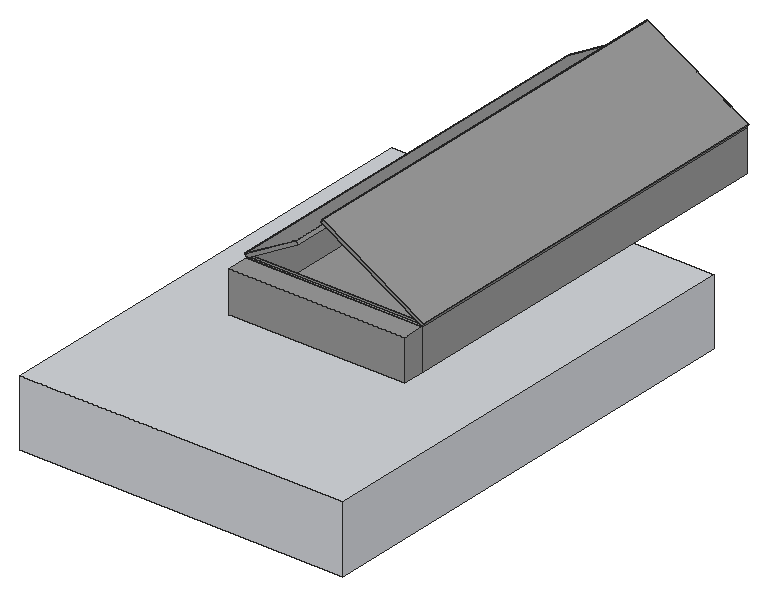
Revit family "Hager-Univers-IP54-D205-H1950-Cl.I-encl-PL-en", category Equipement électrique, Revit 2020
Family settings
  Hôte = Face
  Configuration du panneau = Deux colonnes, circuits au sein
  Cote de connecteur circulaire = Utiliser le diamètre
  Type d'élément = Tableau de raccordement
  Couper avec des vides une fois chargée = Non
  Partagée = Non
  Point de calcul de pièce = Non
Parameters (values of type "Floor installation IP54 W800 H1950 D205  - FP23TW2")
  Width Control [instance] = if([EF000008 - Width] > Min Width, [EF000008 - Width], Min Width)  # 800 mm
  Commentaires du type = [HG000003 - Range]  # "Univers"
  Thickness Door [instance] = if([EF009171 - Material plate thickness door/cover] > 3 mm, 3 mm, [EF009171 - Material plate thickness door/cover])  # 1 mm
  Seal Frame Offset [instance] = 17 mm  # constant formula
  Plinth Visibility [instance] = [HG000027 - Plinth height] > 0 mm  # yes
  Model = ""
  Min Width [instance] = 100 mm  # constant formula
  Min Height [instance] = 100 mm  # constant formula
  Min Depth [instance] = (2 * [EF009170 - Material plate thickness cabinet]) + 1 mm  # 3 mm
  Internal Frame Depth [instance] = (Door System Depth * 0.5)  # 9 mm
  Height Control [instance] = if([EF000040 - Height] > Min Height, [EF000040 - Height], Min Height)  # 1950 mm
  HG000027 - Plinth height = 100 mm
  HG000026 - Floor standing = yes
  HG000024 - Bottom section height = 800 mm
  HG000023 - Double section enclosure = no
  HG000016 - Door 3d visibility [instance] = yes
  HG000015 - Clearance visibility [instance] = no
  HG000014 - Door on the right [instance] = yes
  HG000013 - Door on the left [instance] = not([HG000014 - Door on the right])  # no
  HG000012 - Door swing angle [instance] = 30.00°
  HG000010 - Asymmetric doors = yes
  HG000009 - Double swing door = yes
  HG000006 - Flush mounted = no
  HG000004 - Manufacturer reference = "FP23TW2"
  HG000003 - Range = "Univers"
  HG000002 - With door or cover = yes
  Frame Offset Bottom [instance] = 10 mm  # constant formula
  Frame Offset [instance] = 15 mm  # constant formula
  EF015940 - Cover with overpressure release = no
  EF011959 - Degree of protection (NEMA) = ""
  EF009554 - Number of openings for flange plates = 6
  EF009212 - Cover model = "EV000116 - Closed"
  EF009171 - Material plate thickness door/cover = 1 mm
  EF009170 - Material plate thickness cabinet = 1 mm
  Fabricant = "Hager"  # constant formula
  EF008873 - Nominal current (In) = 400 A
  EF007800 - Suitable for lightning protection = no
  EF006306 - With lock = no
  EF006244 - Transparent cover/door = no
  EF005474 - Degree of protection (IP) = "EV006419 - IP54"
  EF004464 - Type of door = "EV002646 - Single"
  EF004427 - Number of modules = 432
  EF004293 - Impact strength = "EV006815 - IK09"
  EF003532 - Suitable for outdoor use = no
  EF002950 - Width in number of modular spacings = 36
  EF001613 - Circuit integrity = "EV000494 - None"
  EF001596 - Material housing = "EV000179 - Steel"
  EF001131 - Internal depth = 205 mm
  EF001088 - Extension possible = yes
  EF000437 - Number of conduit inlets = 6
  EF000339 - Type of cover = "EV001012 - Cover"
  EF000266 - Number of rows = 12
  EF000218 - Built-in depth = 0 mm
  EF000118 - With mounting plate = no
  EF000116 - RAL-number = "9010"
  EF000049 - Depth = 205 mm
  EF000040 - Height = 1950 mm
  EF000008 - Width = 800 mm
  EF000007 - Colour = "EV000202 - White"
  EF000003 - Mounting method = "EV012274 - Floor installation"
  Door System Leaf Tolerance [instance] = 1.5 mm  # constant formula
  Door System Depth [instance] = 18 mm  # constant formula
  Door Height [instance] = Height Control - [HG000027 - Plinth height]  # 1850 mm
  Depth Control [instance] = if([EF000049 - Depth] > Min Depth, [EF000049 - Depth], Min Depth)  # 205 mm
  Default Elevation = 0 mm
  Connector Offset [instance] = Height Control / 2  # 975 mm
  Bottom Top Plate Trim [instance] = 1.5 mm  # constant formula
  Plinth height Ctrl [instance] = if([HG000027 - Plinth height] > 0 mm, [HG000027 - Plinth height], 12 mm)  # 100 mm
Types (4, lengths in mm): name | Width Control | HG000010 - Asymmetric doors | HG000009 - Double swing door | HG000004 - Manufacturer reference | EF009554 - Number of openings for flange plates | EF008873 - Nominal current (In) | EF004464 - Type of door | EF004427 - Number of modules | EF002950 - Width in number of modular spacings | EF000437 - Number of conduit inlets | EF000008 - Width
  Floor installation IP54 W1300 H1950 D205  - FP25TW2 | 1300 | yes | yes | "FP25TW2" | 10 | 400 A | "EV003602 - Double" | 720 | 60 | 10 | 1300
  Floor installation IP54 W300 H1950 D205  - FP21TW2 | 300 | no | no | "FP21TW2" | 2 | 250 A | "EV002646 - Single" | 144 | 12 | 2 | 300
  Floor installation IP54 W550 H1950 D205  - FP22TW2 | 550 | no | no | "FP22TW2" | 4 | 400 A | "EV002646 - Single" | 288 | 24 | 4 | 550
  Floor installation IP54 W800 H1950 D205  - FP23TW2 | 800 | yes | yes | "FP23TW2" | 6 | 400 A | "EV002646 - Single" | 432 | 36 | 6 | 800
Reference planes
  plane 1 "Center (Front/Back)": y = 0
  plane 2: z = 0
  plane 3 "Center (Left/Right)": x = 0
  plane 4: z = 205
  plane 5: y = 101
  plane 6: y = 1025
  plane 7: y = 100
  plane 8: y = 1950
  plane 9: z = 0
  plane 10: x = -385
  plane 11: x = 385
  plane 12: x = 384
  plane 13: x = -384
  plane 14: y = 1949
  plane 15: x = -383
  plane 16: x = -400
  plane 17: x = 383
  plane 18: x = 400
  plane 19: x = 399
  plane 20: x = -399
  plane 21: y = 111
  plane 22: y = 1950
  plane 23: y = 1934
  plane 24: z = 187
  plane 25: z = 1
  plane 26: z = 186
  plane 27: z = 204
Forms (mm)
  Extrusion 1, solid
    sketch origin (0, 0, 0) x (1, 0, 0) y (0, 1, 0)
      loop
        line (-702.964, 1305) -> (-702.964, -811.445) -> (766.763, -811.445) -> (766.763, 1305) -> (-702.964, 1305)
    from 0 to -304.8
  Extrusion 2, solid, material "Hager_Steel_RAL7035_Light_Grey", visible <- "Plinth Visibility", detail levels medium+fine
    sketch origin (0, 0, 0) x (1, 0, 0) y (0, 1, 0)
      loop
        line (-400, 0) -> (400, 0) -> (400, 100) -> (-400, 100) -> (-400, 0)
    from 0 to 187
  Extrusion 3, solid, material "Hager_Steel_RAL7035_Light_Grey", detail levels medium+fine
    sketch origin (0, 0, 0) x (1, 0, 0) y (0, 1, 0)
      loop
        line (-400, 100) -> (400, 100) -> (400, 1950) -> (-400, 1950) -> (-400, 100)
    from 0 to 187
  Extrusion 4, void
    sketch origin (0, 0, 0) x (1, 0, 0) y (0, 1, 0)
      loop
        line (-399, 101) -> (399, 101) -> (399, 1949) -> (-399, 1949) -> (-399, 101)
    from 1 to 186
  Extrusion 5, void
    sketch origin (-381.607, -4572, 187) x (0, -1, 0) y (-1, 0, 0)
      loop
        line (-4683, 2.393) -> (-6506, 2.393) -> (-6506, -765.607) -> (-4683, -765.607) -> (-4683, 2.393)
    from 0 to 1 <- "EF009170 - Material plate thickness cabinet"
  Extrusion 6, solid, material "Hager_Steel_RAL7035_Light_Grey", detail levels fine
    sketch origin (0, 0, 187) x (1, 0, 0) y (0, 1, 0)
      loop
        line (-384, 1934) -> (-384, 111) -> (384, 111) -> (384, 1934) -> (-384, 1934)
      loop
        line (-385, 110) -> (385, 110) -> (385, 1935) -> (-385, 1935) -> (-385, 110)
    from 0 to 9 <- "Internal Frame Depth"
  Extrusion 7, solid, material "Hager_Steel_RAL7035_Light_Grey", detail levels coarse
    sketch origin (0, 0, 0) x (1, 0, 0) y (0, 1, 0)
      loop
        line (-400, 0) -> (400, 0) -> (400, 1950) -> (-400, 1950) -> (-400, 0)
    from 0 to 205
  Sweep 8, void
    path in 3D
      loop
        line (-400, 100, 0) -> (400, 100, 0) -> (400, 100, 187) -> (-400, 100, 187) -> (-400, 100, 0)
    profile origin (-400, 100, 93.5) x (-1, 0, 0) y (0, -1, 0)
      loop
        line (0, 0) -> (0, 1.5) -> (-1.5, 1.5)
        arc (-1.5, 1.5) -> (-1.061, 0.439) -> (0, 0) r 1.5
Cuts and joins
  Extrusion 4, Extrusion 5 cuts Extrusion 3
  Sweep 8 cuts Extrusion 2
Lines and regions (mm)
  Masking region 1
    outline origin (0, 0, 0) x (1, 0, 0) y (0, 0, 1)
      loop
        line (-400, 205) -> (-400, 0) -> (400, 0) -> (400, 205) -> (-400, 205)
  Masking region 2, detail levels medium+fine
    outline origin (0, 140, 0) x (0, 1, 0) y (0, 0, 1)
      loop
        line (-40, 0) -> (1810, 0) -> (1810, 187) -> (-40, 187) -> (-40, 0)
  Masking region 3, not visible, detail levels medium+fine
    outline origin (0, 297.922, 0) x (0, 1, 0) y (0, 0, 1)
      loop
        line (738.578, 0) -> (778.578, 0) -> (778.578, 194)
        arc (778.578, 194) -> (775.649, 201.071) -> (768.578, 204) r 10
        line (768.578, 204) -> (738.578, 204) -> (738.578, 0)
  Masking region 4, detail levels coarse
    outline origin (0, 0, 180) x (0, 1, 0) y (0, 0, 1)
      loop
        line (0, -180) -> (1950, -180) -> (1950, 25) -> (0, 25) -> (0, -180)
  Masking region 5, visible <- "Plinth Visibility", detail levels medium+fine
    outline origin (0, 52.24, 12.345) x (0, 0, -1) y (0, 1, 0)
      loop
        line (10.845, 47.76) -> (-173.155, 47.76)
        arc (-173.155, 47.76) -> (-173.594, 46.699) -> (-174.655, 46.26) r 1.5
        line (-174.655, 46.26) -> (-174.655, -52.24) -> (12.345, -52.24) -> (12.345, 46.26)
        arc (12.345, 46.26) -> (11.285, 46.699) -> (10.845, 47.76) r 1.5
  Masking region 6, detail levels medium+fine
    outline origin (-381.607, -4572, 187) x (-1, 0, 0) y (0, -1, 0)
      loop
        line (18.393, -6522) -> (18.393, -4672) -> (-781.607, -4672) -> (-781.607, -6522) -> (18.393, -6522)
  Masking region 7, visible <- "Plinth Visibility", detail levels medium+fine
    outline origin (-381.607, -4727, 187) x (-1, 0, 0) y (0, -1, 0)
      loop
        arc (16.893, -4827) -> (17.332, -4825.939) -> (18.393, -4825.5) r 1.5
        line (18.393, -4825.5) -> (18.393, -4727) -> (-781.607, -4727) -> (-781.607, -4825.5)
        arc (-781.607, -4825.5) -> (-780.546, -4825.939) -> (-780.107, -4827) r 1.5
        line (-780.107, -4827) -> (16.893, -4827)
  Masking region 8, detail levels coarse
    outline origin (-442.548, -4669.526, 187) x (-1, 0, 0) y (0, -1, 0)
      loop
        line (-42.548, -6619.526) -> (-42.548, -4669.526) -> (-842.548, -4669.526) -> (-842.548, -6619.526) -> (-42.548, -6619.526)
  sketch lines
    curve 1: line (-400, 100, 187) -> (-400, 100, 0)
    curve 2: line (400, 100, 187) -> (-400, 100, 187)
    curve 3: line (400, 100, 187) -> (400, 100, 0)
    curve 4: line (-400, 100, 0) -> (400, 100, 0)
Dimensions and locks
  "Depth Control": plane 4 to Extrusion 1
  "HG000027 - Plinth height": plane 1 "Center (Front/Back)" to plane 7
  "EF009170 - Material plate thickness cabinet": plane 5 to plane 7
  locked: connector elem to plane 3 "Center (Left/Right)"
  equal spacing: plane 8, plane 6, plane 7
  locked: connector elem to plane 6
  "EF009170 - Material plate thickness cabinet": plane 8 to plane 14
  "EF009170 - Material plate thickness cabinet": plane 10 to plane 13
  "EF009170 - Material plate thickness cabinet": plane 12 to plane 11
  "Frame Offset": plane 20 to plane 13
  "Frame Offset": plane 12 to plane 19
  "EF009170 - Material plate thickness cabinet": plane 16 to plane 20
  "EF009170 - Material plate thickness cabinet": plane 19 to plane 18
  "Seal Frame Offset": plane 16 to plane 15
  "Seal Frame Offset": plane 17 to plane 18
  "Frame Offset Bottom": plane 21 to plane 5
  "Frame Offset": plane 14 to plane 23
  equal spacing: plane 16, plane 3 "Center (Left/Right)", plane 18
  "Width Control": plane 16 to plane 18
  "EF009170 - Material plate thickness cabinet": plane 4 to plane 27
  "EF009170 - Material plate thickness cabinet": plane 24 to plane 26
  "EF009170 - Material plate thickness cabinet": plane 25 to level
  "Door System Depth": plane 4 to plane 24
  "Height Control": plane 1 "Center (Front/Back)" to Extrusion 7 sketch curve
  "Height Control": Masking region 4 sketch curve to plane 1 "Center (Front/Back)"
  "Height Control": plane 1 "Center (Front/Back)" to plane 22
  "Bottom Top Plate Trim": profile plane to Sweep 8 sketch curve
  "Bottom Top Plate Trim": Sweep 8 sketch curve to profile plane
  "Plinth height Ctrl": plane 1 "Center (Front/Back)" to Extrusion 2 sketch curve
  "Plinth height Ctrl": Masking region 5 sketch curve to plane 1 "Center (Front/Back)"
  "Plinth height Ctrl": plane 1 "Center (Front/Back)" to Masking region 7 sketch curve
  "Thickness Door": Extrusion 6 sketch curve to Extrusion 6 sketch curve  (x3)
  "Thickness Door": cut or joined group of Extrusion 3, Extrusion 4, Extrusion 5 to Extrusion 6 sketch curve
  radius of Masking region 3 sketch curve = 10 mm
  "Bottom Top Plate Trim": radius of Masking region 5 sketch curve  (x2)
  "Bottom Top Plate Trim": radius of Sweep 8 sketch curve
  "Bottom Top Plate Trim": radius of Masking region 7 sketch curve  (x2)
  aligned and locked: plane 2 to Extrusion 1
  aligned and locked: level to Extrusion 1
  aligned and locked: level to Masking region 1 sketch curve
  aligned and locked: Masking region 1 sketch curve to plane 18
  aligned and locked: Masking region 1 sketch curve to plane 16
  aligned and locked: plane 7 to Masking region 2 sketch curve
  aligned and locked: level to Masking region 3 sketch curve
  aligned and locked: Masking region 3 sketch curve to plane 27
  aligned and locked: level to Masking region 2 sketch curve
  aligned and locked: plane 1 "Center (Front/Back)" to Extrusion 2 sketch curve
  aligned and locked: Extrusion 3 sketch curve to plane 7
  aligned and locked: plane 16 to Extrusion 3 sketch curve
  aligned and locked: plane 18 to Extrusion 3 sketch curve
  aligned and locked: plane 20 to Extrusion 4 sketch curve
  aligned and locked: plane 19 to Extrusion 4 sketch curve
  aligned and locked: Extrusion 4 sketch curve to plane 5
  aligned and locked: Extrusion 4 to plane 25
  aligned and locked: plane 26 to Extrusion 4
  aligned and locked: plane 24 to Extrusion 3
  aligned and locked: Extrusion 5 sketch curve to plane 21
  aligned and locked: Extrusion 5 sketch curve to plane 13
  aligned and locked: Extrusion 5 sketch curve to plane 12
  aligned and locked: plane 18 to Extrusion 7 sketch curve
  aligned and locked: plane 1 "Center (Front/Back)" to Extrusion 7 sketch curve
  aligned and locked: plane 16 to Extrusion 7 sketch curve
  aligned and locked: plane 4 to Extrusion 7
  aligned and locked: Extrusion 7 to level
  aligned and locked: level to Masking region 4 sketch curve
  aligned and locked: Masking region 4 sketch curve to plane 1 "Center (Front/Back)"
  aligned and locked: Masking region 4 sketch curve to plane 4
  aligned and locked: nested 1 to level
  aligned and locked: nested 1 to plane 16
  aligned and locked: plane 8 to Extrusion 3 sketch curve
  aligned and locked: plane 23 to Extrusion 5 sketch curve
  aligned and locked: plane 14 to Extrusion 4 sketch curve
  aligned and locked: Masking region 2 sketch curve to plane 8
  aligned and locked: level to Masking region 5 sketch curve
  aligned and locked: plane 16 to Extrusion 2 sketch curve
  aligned and locked: plane 18 to Extrusion 2 sketch curve
  aligned and locked: Masking region 5 sketch curve to plane 24
  aligned and locked: Masking region 2 sketch curve to plane 24
  aligned and locked: plane 24 to Extrusion 2
  aligned and locked: profile plane to Sweep 8 sketch curve  (x2)
  aligned and locked: Masking region 6 sketch curve to plane 18
  aligned and locked: Masking region 6 sketch curve to plane 22
  aligned and locked: Masking region 6 sketch curve to plane 16
  aligned and locked: plane 8 to plane 22
  aligned and locked: Masking region 6 sketch curve to plane 7
  aligned and locked: Masking region 7 sketch curve to plane 16
  aligned and locked: Masking region 7 sketch curve to plane 1 "Center (Front/Back)"
  aligned and locked: Masking region 7 sketch curve to plane 18
  aligned and locked: Masking region 8 sketch curve to plane 1 "Center (Front/Back)"
  aligned and locked: Masking region 8 sketch curve to plane 18
  aligned and locked: Masking region 8 sketch curve to plane 22
  aligned and locked: Masking region 8 sketch curve to plane 16
  aligned and locked: nested 2 to plane 7
  aligned and locked: plane 3 "Center (Left/Right)" to nested 2
  aligned and locked: nested 2 to plane 24
  aligned and locked: Extrusion 6 sketch curve to cut or joined group of Extrusion 3, Extrusion 4, Extrusion 5  (x4)
Automatic sketch dimensions
  Extrusion 1 sketch curve to Extrusion 1 sketch curve = 1469.727 mm
  Extrusion 1 sketch curve to Extrusion 1 sketch curve = 2116.445 mm
  Masking region 1 sketch curve to plane 4 = 0 mm
  plane 6 to Masking region 3 sketch curve = 11.5 mm
  Masking region 3 sketch curve to Masking region 3 sketch curve = 30 mm
  Masking region 5 sketch curve to plane 1 "Center (Front/Back)" = 0 mm
Nested families
  nested 1: "Hager_Enclosure_Symbol" at (-400, 0, 0) x (1, 0, 0) z (0, -1, 0), Height <- "Depth Control", Width <- "Width Control", type "Hager_Enclosure_Symbol"
    with Width_Ctrl 800 mm, Width 800 mm, Height_Ctrl 205 mm, Height 205 mm, A_Width_Int 13.453 mm, A_Width 161.438 mm, A_Height_Ctrl 179.375 mm, A_Height 179.375 mm
  nested 2: "EC000058_Univers_Door" at (0, 100, 187) x (1, 0, 0) z (0, 1, 0), Leaf_Tolerance <- "Door System Leaf Tolerance", Angle <- "HG000012 - Door swing angle", Door_Depth <- "Door System Depth", Door_Left <- "HG000013 - Door on the left", Transparent <- "EF006244 - Transparent cover/door", Assymetrical <- "HG000010 - Asymmetric doors", Width <- "Width Control", Clearance <- "HG000015 - Clearance visibility", Double <- "HG000009 - Double swing door", 3d_Door <- "HG000016 - Door 3d visibility", Lock_Visibility <- "EF006306 - With lock", Width_Ctrl <- "Width Control", Door_Right <- "HG000014 - Door on the right", Door <- "HG000002 - With door or cover", Height <- "Door Height", Thickness <- "Thickness Door", type "EC000058_Univers_Door", detail levels medium+fine
    with min_wh 3 mm, Width_Ctrl 800 mm, Width 800 mm, Transparent no, Thickness 1 mm, Seal_Material Hager_Rubber, Lock_Visibility no, Lock_Material Hager_Plastic_RAL9005_Jet_Black, Leaf_Width 800 mm, Leaf_Tolerance_External_Sides 0 mm, Leaf_Tolerance 1.5 mm, Leaf_Offset 0 mm, Leaf_Height 1847 mm, Leaf_2_Width 532.583 mm, Leaf_2_Offset 266.292 mm, Leaf_1_Width 265.917 mm, Leaf_1_Offset 132.958 mm, Height_Ctrl 1850 mm, Height 1850 mm, Glass_Material Hager_Glass, Double_Clearance_Ctrl no, Double yes, Door_Right_Ctrl yes, Door_Right yes, Door_Material Hager_Steel_RAL7035_Light_Grey, Door_Left_Ctrl yes, Door_Left no, Door_Depth 18 mm, Door yes, Clearance_Material Hager_Clearance, Clearance_Depth 532.583 mm, Clearance_Ctrl no, Clearance no, Assymetrical yes, Angle 30.00°, 3d_Door yes
Connectors
  electrical at (0, 1025, 0)
    settings: on plane 9, index 1, voltage 0 V, apparent load 0 VA, apparent load phase1 0 VA, apparent load phase2 0 VA, apparent load phase3 0 VA, power factor 1, load classification "Other", number of poles 1, system type 30, power factor state 1, is connector primary yes, connector utility no, sub classification motor no, connector description ""
Definition of nested family "EC000058_Univers_Door"
  Parameters (values of type "EC000058_Univers_Door")
    min_wh [instance] = (2 * Thickness) + 1 mm  # 11 mm
    Width_Ctrl [instance] = 400 mm
    Width [instance] = 500 mm
    Transparent [instance] = yes
    Thickness [instance] = 5 mm
    Seal_Material [instance] = none
    Lock_Visibility [instance] = yes
    Lock_Material [instance] = none
    Leaf_Width [instance] = if((Width_Ctrl - 2 * Leaf_Tolerance_External_Sides) > 0 mm, (Width_Ctrl - 2 * Leaf_Tolerance_External_Sides), min_wh)  # 400 mm
    Leaf_Tolerance_External_Sides [instance] = 0 mm  # constant formula
    Leaf_Tolerance [instance] = 1.5 mm
    Leaf_Offset [instance] = 0 mm  # constant formula
    Leaf_Height [instance] = if((Height_Ctrl - 2 * Leaf_Tolerance) > 0 mm, (Height_Ctrl - 2 * Leaf_Tolerance), min_wh)  # 497 mm
    Leaf_2_Width [instance] = if(and(and(Double, Assymetrical), Door_Left), (Leaf_Width / 3) - (Leaf_Tolerance / 2), if(and(and(Double, Assymetrical), Door_Right), (Leaf_Width / 3) * 2 - (Leaf_Tolerance / 2), if(and(Double, not(Assymetrical)), (Leaf_Width / 2) - Leaf_Tolerance, Leaf_Width)))  # 400 mm
    Leaf_2_Offset [instance] = if(and(Double, Assymetrical), Leaf_2_Width / 2, if(and(Double, not(Assymetrical)), Leaf_Width / 4, Leaf_Width / 2))  # 200 mm
    Leaf_1_Width [instance] = if(and(and(Double, Assymetrical), Door_Right), (Leaf_Width / 3) - (Leaf_Tolerance / 2), if(and(and(Double, Assymetrical), Door_Left), (Width / 3) * 2 - (Leaf_Tolerance / 2), if(and(Double, not(Assymetrical)), (Leaf_Width / 2) - Leaf_Tolerance, Leaf_Width)))  # 400 mm
    Leaf_1_Offset [instance] = if(and(Double, Assymetrical), Leaf_1_Width / 2, if(and(Double, not(Assymetrical)), Leaf_Width / 4, Leaf_Width / 2))  # 200 mm
    Height_Ctrl [instance] = if(Height > min_wh, Height, min_wh)  # 500 mm
    Height [instance] = 500 mm
    Glass_Material [instance] = none
    Double_Clearance_Ctrl [instance] = and(Double, Clearance)  # no
    Double [instance] = no
    Door_Right_Ctrl [instance] = and(or(Door_Right, Double), Door)  # yes
    Door_Right [instance] = yes
    Door_Material [instance] = none
    Door_Left_Ctrl [instance] = and(or(Door_Left, Double), Door)  # no
    Door_Left [instance] = no
    Door_Depth [instance] = 30 mm
    Door [instance] = yes
    Default Elevation = 1219.2 mm
    Clearance_Material [instance] = none
    Clearance_Depth [instance] = if(Leaf_1_Width > Leaf_2_Width, Leaf_1_Width, Leaf_2_Width)  # 400 mm
    Clearance_Ctrl [instance] = and(not(Double), Clearance)  # yes
    Clearance [instance] = yes
    Assymetrical [instance] = yes
    Angle [instance] = 30.00°
    3d_Door [instance] = yes
  Reference planes
    plane 1 "Center (Front/Back)": y = 0
    plane 2 "Bottom": z = 0
    plane 3 "Center (Left/Right)": x = 0
    plane 4: z = 500
    plane 5: x = -200
    plane 6: x = 200
    plane 7: z = 500
    plane 8: x = -200
    plane 9: z = 0
    plane 10: x = 200
    plane 11: y = 0
    plane 12: z = 1.5
    plane 13: x = -600
    plane 14: y = -400
    plane 15: x = 600
    plane 16: x = 0
    plane 17: x = 0
    plane 18: x = -200
    plane 19: x = 200
    plane 20: z = 498.5
  Forms (mm)
    Extrusion 1, solid, material <- "Clearance_Material", visible <- "Double_Clearance_Ctrl"
      sketch origin (1200, 0, 0) x (1, 0, 0) y (0, 0, -1)
        loop
          line (-1800, -498.5) -> (-600, -498.5) -> (-600, 0) -> (-1800, 0) -> (-1800, -498.5)
      from 0 to -400
  Dimensions and locks
    equal spacing: plane 5, plane 3 "Center (Left/Right)", plane 6
    "Width_Ctrl": plane 5 to plane 6
    "Leaf_Offset": plane 5 to plane 8
    "Leaf_Offset": plane 6 to plane 10
    "Leaf_Offset": plane 9 to level
    "Leaf_Offset": plane 4 to plane 7
    "Height_Ctrl": plane 4 to level
    "Leaf_Tolerance": plane 12 to plane 9
    locked: plane 11 to plane 1 "Center (Front/Back)"
    "Leaf_1_Offset": plane 18 to plane 16
    "Leaf_2_Offset": plane 17 to plane 19
    "Leaf_1_Width": plane 13 to plane 8
    "Leaf_2_Width": plane 10 to plane 15
    "Clearance_Depth": plane 14 to plane 1 "Center (Front/Back)"
    "Leaf_Tolerance_External_Sides": plane 8 to plane 18
    "Leaf_Tolerance_External_Sides": plane 19 to plane 10
    "Leaf_Tolerance": plane 7 to plane 20
    aligned and locked: level to plane 2 "Bottom"
    aligned and locked: nested 1 to plane 16
    aligned and locked: nested 2 to plane 17
    aligned and locked: Extrusion 1 to plane 13
    aligned and locked: plane 15 to Extrusion 1
    aligned and locked: Extrusion 1 to plane 14
    aligned and locked: plane 12 to nested 1
    aligned and locked: nested 2 to plane 12
    aligned and locked: Extrusion 1 to plane 11
    aligned and locked: plane 20 to Extrusion 1
    aligned and locked: nested 2 to plane 11
    aligned and locked: nested 1 to plane 11
  Automatic sketch dimensions
    Extrusion 1 sketch curve to level = 0 mm
    plane 5 to Extrusion 1 sketch curve = 400 mm
    plane 6 to Extrusion 1 sketch curve = 400 mm
    Extrusion 1 sketch curve to plane 4 = 1.5 mm
  Nested families
    nested 1: "EC000058_Univers_Door_Leaf" at (0, 0, 1.5), Width <- "Leaf_1_Width", visible <- "Door_Left_Ctrl", Leaf_Height <- "Leaf_Height", Angle <- "Angle", 3d_Door <- "3d_Door", Transparent <- "Transparent", Clearance Material <- "Clearance_Material", Clearance <- "Clearance_Ctrl", Door_Material <- "Door_Material", Glass_Material <- "Glass_Material", Door_Depth <- "Door_Depth", Lock_Material <- "Lock_Material", Seal_Material <- "Seal_Material", Lock_Visibility <- "Lock_Visibility", Thickness <- "Thickness", type "EC000058_Univers_Door_Leaf"
      with Width 400 mm, Transparent_Glass_Offset 30 mm, Transparent_Ctrl yes, Transparent yes, Thickness 5 mm, Standard no, Seal_Material none, Seal_D2 8 mm, Seal_D1 1 mm, Offset_Internal_Frame 10 mm, Lock_Width 20 mm, Lock_Visibility_3d yes, Lock_Visibility yes, Lock_Thickness_3 3 mm, Lock_Thickness_2 1 mm, Lock_Thickness_1 3 mm, Lock_Radius_Offset_2 16 mm, Lock_Radius_Offset_1 15 mm, Lock_Radius_2 5 mm, Lock_Radius 6 mm, Lock_Offset 5 mm, Lock_Material none, Lock_Height 80 mm, Lock_Cover_Top_Offset_2d 17 mm, Lock_Cover_Height -65 mm, Leaf_Height 497 mm, Internal_Seal_Thickness 8 mm, Internal_Seal_Depth_2 4.5 mm, Internal_Frame_Depth 25 mm, Glass_Thickness -1 mm, Glass_Offset -2 mm, Glass_Material none, Door_Material none, Door_Depth 30 mm, Clearance Material none, Clearance yes, Angle_Ctrl 30.00°, Angle 30.00°, 3d_Door yes
    nested 2: "EC000058_Univers_Door_Leaf" at (0, 0, 1.5) x (-1, 0, 0) z (0, 0, 1), Width <- "Leaf_2_Width", visible <- "Door_Right_Ctrl", Leaf_Height <- "Leaf_Height", Angle <- "Angle", 3d_Door <- "3d_Door", Transparent <- "Transparent", Clearance Material <- "Clearance_Material", Clearance <- "Clearance_Ctrl", Door_Material <- "Door_Material", Glass_Material <- "Glass_Material", Door_Depth <- "Door_Depth", Lock_Material <- "Lock_Material", Seal_Material <- "Seal_Material", Lock_Visibility <- "Lock_Visibility", Thickness <- "Thickness", type "EC000058_Univers_Door_Leaf"
      with Width 400 mm, Transparent_Glass_Offset 30 mm, Transparent_Ctrl yes, Transparent yes, Thickness 5 mm, Standard no, Seal_Material none, Seal_D2 8 mm, Seal_D1 1 mm, Offset_Internal_Frame 10 mm, Lock_Width 20 mm, Lock_Visibility_3d yes, Lock_Visibility yes, Lock_Thickness_3 3 mm, Lock_Thickness_2 1 mm, Lock_Thickness_1 3 mm, Lock_Radius_Offset_2 16 mm, Lock_Radius_Offset_1 15 mm, Lock_Radius_2 5 mm, Lock_Radius 6 mm, Lock_Offset 5 mm, Lock_Material none, Lock_Height 80 mm, Lock_Cover_Top_Offset_2d 17 mm, Lock_Cover_Height -65 mm, Leaf_Height 497 mm, Internal_Seal_Thickness 8 mm, Internal_Seal_Depth_2 4.5 mm, Internal_Frame_Depth 25 mm, Glass_Thickness -1 mm, Glass_Offset -2 mm, Glass_Material none, Door_Material none, Door_Depth 30 mm, Clearance Material none, Clearance yes, Angle_Ctrl 30.00°, Angle 30.00°, 3d_Door yes
  Definition of nested family "EC000058_Univers_Door_Leaf"
    Parameters (values of type "EC000058_Univers_Door_Leaf")
      Width [instance] = 2000 mm
      Transparent_Glass_Offset [instance] = 30 mm
      Transparent_Ctrl [instance] = and(Transparent, [3d_Door])  # yes
      Transparent [instance] = yes
      Thickness [instance] = 5 mm
      Standard [instance] = and(not(Transparent), [3d_Door])  # no
      Seal_Material [instance] = none
      Seal_D2 [instance] = 8 mm  # constant formula
      Seal_D1 [instance] = 1 mm  # constant formula
      Offset_Internal_Frame [instance] = 10 mm  # constant formula
      Lock_Width [instance] = 20 mm  # constant formula
      Lock_Visibility_3d [instance] = and(Lock_Visibility, [3d_Door])  # yes
      Lock_Visibility [instance] = yes
      Lock_Thickness_3 [instance] = 3 mm  # constant formula
      Lock_Thickness_2 [instance] = 1 mm  # constant formula
      Lock_Thickness_1 [instance] = 3 mm  # constant formula
      Lock_Radius_Offset_2 [instance] = Lock_Radius_Offset_1 + 1 mm  # 16 mm
      Lock_Radius_Offset_1 [instance] = 15 mm  # constant formula
      Lock_Radius_2 [instance] = Lock_Radius - 1 mm  # 5 mm
      Lock_Radius [instance] = 6 mm  # constant formula
      Lock_Offset [instance] = 5 mm  # constant formula
      Lock_Material [instance] = none
      Lock_Height [instance] = 80 mm  # constant formula
      Lock_Cover_Top_Offset_2d [instance] = Lock_Radius_Offset_2 + 1 mm  # 17 mm
      Lock_Cover_Height [instance] = -(Lock_Height - Lock_Radius_Offset_1)  # -65 mm
      Leaf_Height [instance] = 2720.336 mm
      Internal_Seal_Thickness [instance] = 8 mm  # constant formula
      Internal_Seal_Depth_2 [instance] = 4.5 mm  # constant formula
      Internal_Frame_Depth [instance] = if(Door_Depth - Thickness > 5 mm, Door_Depth - Thickness, 5 mm)  # 25 mm
      Glass_Thickness [instance] = if(Thickness > 15 mm, Glass_Offset + 10 mm, -1 mm)  # -1 mm
      Glass_Offset [instance] = if(Thickness > 15 mm, -(Thickness + 10 mm) / 2, -2 mm)  # -2 mm
      Glass_Material [instance] = none
      Door_Material [instance] = none
      Door_Depth [instance] = 30 mm
      Default Elevation = 0 mm
      Clearance Material [instance] = none
      Clearance [instance] = yes
      Angle_Ctrl [instance] = if(Angle > 180.00°, 180.00°, Angle)  # 90.00°
      Angle [instance] = 90.00°
      3d_Door [instance] = yes
    Reference planes
      plane 1 "Center (Front/Back)": y = 0
      plane 2: z = 0
      plane 3 "Center (Left/Right)": x = 0
      plane 4: y = 2000
      plane 5: x = -1000
      plane 6: x = 1000
      plane 7: x = -3000
      plane 8: z = 2720.336
      plane 9: z = 30
      plane 10: z = 2690.336
      plane 11: x = 970
      plane 12: x = -970
      plane 13: y = -3
      plane 14: z = 107.833
      plane 15: y = -5
      plane 16: y = -223.314
      plane 17: x = -1000
      plane 18: z = 1360.168
      plane 19: y = 30
    Forms (mm)
      Extrusion 1, solid, material <- "Clearance Material", visible <- "Clearance"
        sketch origin (0, 0, 0) x (1, 0, 0) y (0, 0, 1)
          loop
            line (-3000, 2720.336) -> (-3000, 0) -> (1000, 0) -> (1000, 2720.336) -> (-3000, 2720.336)
        from 0 to -2000
      Extrusion 2, solid, material <- "Door_Material", visible <- "Standard", detail levels medium+fine
        sketch origin (-1000, 0, 0) x (0, 1, 0) y (-1, 0, 0)
          loop
            line (0, 30) -> (0, 25) -> (2000, 25) -> (2000, 30) -> (0, 30)
        from 0 to 2720.336 <- "Leaf_Height"
      Extrusion 3, solid, material <- "Door_Material", visible <- "Transparent_Ctrl", detail levels medium+fine
        sketch origin (-1000, 0, 0) x (0, 1, 0) y (-1, 0, 0)
          loop
            line (0, 25) -> (2000, 25) -> (2000, 30) -> (0, 30) -> (0, 25)
        from 0 to 2720.336 <- "Leaf_Height"
      Extrusion 4, void
        sketch origin (-1025, 2000, 0) x (0, 1, 0) y (0, 0, -1)
          loop
            line (-30, -2690.336) -> (-30, -30) -> (-1970, -30) -> (-1970, -2690.336) -> (-30, -2690.336)
        from 0 to 5 <- "Thickness"
      Sweep 5, solid, material <- "Seal_Material", visible <- "Transparent_Ctrl", detail levels fine
        path in 3D
          loop
            line (-1025, 30, 30) -> (-1025, 30, 2690.336) -> (-1025, 1970, 2690.336) -> (-1025, 1970, 30) -> (-1025, 30, 30)
        profile origin (-1025, 1000, 30) x (1, 0, 0) y (0, 0, 1)
          loop
            line (0, 0) -> (0, -8) -> (1, -8) -> (1, 0) -> (0, 0)
      Extrusion 6, solid, material <- "Glass_Material", visible <- "Transparent_Ctrl", detail levels medium+fine
        sketch origin (-1030, 0, 0) x (0, 1, 0) y (0, 0, -1)
          loop
            line (1970, -2690.336) -> (1970, -30) -> (30, -30) -> (30, -2690.336) -> (1970, -2690.336)
        from -2 <- "Glass_Offset" to -1 <- "Glass_Thickness"
      Extrusion 7, solid, material <- "Door_Material", visible <- "3d_Door", detail levels medium+fine
        sketch origin (-1025, 2000, 0) x (0, -1, 0) y (0, 0, -1)
          loop
            line (0, -2720.336) -> (2000, -2720.336) -> (2000, 0) -> (0, 0) -> (0, -2720.336)
          loop
            line (1995, -5) -> (5, -5) -> (5, -2715.336) -> (1995, -2715.336) -> (1995, -5)
        from 0 to 25 <- "Internal_Frame_Depth"
      Sweep 8, solid, material <- "Seal_Material", visible <- "Transparent_Ctrl", detail levels fine
        path in 3D
          loop
            line (-1025, 0, 0) -> (-1025, 2000, 0) -> (-1025, 2000, 2720.336) -> (-1025, 0, 2720.336) -> (-1025, 0, 0)
        profile origin (-1025, 0, 1360.168) x (1, 0, 0) y (0, 1, 0)
          loop
            line (0, 10) -> (2.975, 10)
            arc (2.975, 10) -> (4.053, 10.447) -> (4.5, 11.525) r 1.525
            line (4.5, 11.525) -> (4.5, 16.527)
            arc (4.5, 16.527) -> (4.069, 17.569) -> (3.027, 18) r 1.473
            line (3.027, 18) -> (0, 18) -> (0, 10)
      Extrusion 9, solid, material <- "Lock_Material", visible <- "Lock_Visibility_3d", detail levels fine
        sketch origin (-1030, 0, 0) x (0, 1, 0) y (0, 0, -1)
          loop
            arc (1993.5, -1400.168) -> (1994.561, -1399.729) -> (1995, -1398.668) r 1.5
            line (1995, -1398.668) -> (1995, -1320.168) -> (1975, -1320.168) -> (1975, -1398.668)
            arc (1975, -1398.668) -> (1975.439, -1399.729) -> (1976.5, -1400.168) r 1.5
            line (1976.5, -1400.168) -> (1993.5, -1400.168)
        from 3 <- "Lock_Thickness_1" to 0
      Blend 10, solid, material <- "Lock_Material", visible <- "Lock_Visibility_3d", detail levels fine
        base sketch origin (-1033, 0, 0) x (0, 1, 0) y (0, 0, -1)
          loop
            line (1975, -1320.168) -> (1975, -1398.668)
            arc (1975, -1398.668) -> (1975.439, -1399.729) -> (1976.5, -1400.168) r 1.5
            line (1976.5, -1400.168) -> (1993.5, -1400.168)
            arc (1993.5, -1400.168) -> (1994.561, -1399.729) -> (1995, -1398.668) r 1.5
            line (1995, -1398.668) -> (1995, -1320.168) -> (1975, -1320.168)
        top sketch origin (-1033, 0, 0) x (0, 1, 0) y (0, 0, -1)
          loop
            line (1976, -1320.168) -> (1976, -1398.668)
            arc (1976, -1398.668) -> (1976.146, -1399.022) -> (1976.5, -1399.168) r 0.5
            line (1976.5, -1399.168) -> (1993.5, -1399.168)
            arc (1993.5, -1399.168) -> (1993.854, -1399.022) -> (1994, -1398.668) r 0.5
            line (1994, -1398.668) -> (1994, -1320.168) -> (1976, -1320.168)
        from 0 to 1 <- "Lock_Thickness_2"
      Blend 11, solid, material <- "Lock_Material", visible <- "Lock_Visibility_3d", detail levels fine
        base sketch origin (-1034, 0, 0) x (0, 1, 0) y (0, 0, -1)
          loop
            line (1978, -1320.168) -> (1978, -1384.168)
            arc (1978, -1384.168) -> (1985, -1391.168) -> (1992, -1384.168) r 7
            line (1992, -1384.168) -> (1992, -1320.168) -> (1978, -1320.168)
        top sketch origin (-1034, 0, 0) x (0, 1, 0) y (0, 0, -1)
          loop
            line (1991, -1320.168) -> (1979, -1320.168) -> (1979, -1383.168)
            arc (1979, -1383.168) -> (1985, -1389.168) -> (1991, -1383.168) r 6
            line (1991, -1383.168) -> (1991, -1320.168)
        from 0 to 3 <- "Lock_Thickness_3"
      Extrusion 12, solid, material <- "Lock_Material", visible <- "Lock_Visibility_3d", detail levels fine
        sketch origin (-1030, 1975, 1320.168) x (1, 0, 0) y (0, -1, 0)
          loop
            line (-7, -19) -> (-7, -1) -> (0, -1) -> (0, 0) -> (-8, 0) -> (-8, -20) -> (0, -20) -> (0, -19) -> (-7, -19)
        from 0 to -65 <- "Lock_Cover_Height"
      Extrusion 13, void
        sketch origin (-1038, 1995, 1320.168) x (-1, 0, 0) y (0, 0, -1)
          loop
            line (-5, -65) -> (0, -65) -> (-5, -60) -> (-5, -65)
        from 0 to 20 <- "Lock_Width"
      Extrusion 14, void
        sketch origin (-1038, 1975, 1320.168) x (0, -1, 0) y (0, 0, -1)
          loop
            circle (-10, -15.995) r 6
          loop
            circle (-10, -15.995) r 5
        from 0 to 2
      Extrusion 15, solid, material <- "Lock_Material", visible <- "Lock_Visibility_3d", detail levels medium
        sketch origin (-1030, 0, 0) x (0, 1, 0) y (0, 0, -1)
          loop
            arc (1993.5, -1400.168) -> (1994.561, -1399.729) -> (1995, -1398.668) r 1.5
            line (1995, -1398.668) -> (1995, -1320.168) -> (1975, -1320.168) -> (1975, -1398.668)
            arc (1975, -1398.668) -> (1975.439, -1399.729) -> (1976.5, -1400.168) r 1.5
            line (1976.5, -1400.168) -> (1993.5, -1400.168)
        from 8 to 0
    Cuts and joins
      Extrusion 4 cuts Extrusion 3
      Extrusion 13, Extrusion 14 cuts Extrusion 9
      Extrusion 14 cuts Blend 11
      Extrusion 13, Extrusion 14 cuts Extrusion 12
      joined: Extrusion 9, Blend 10, Blend 11, Extrusion 12
      Extrusion 14 cuts Extrusion 15
    Lines and regions (mm)
      Masking region 1, visible <- "Lock_Visibility", detail levels fine
        outline origin (0, 0, 0) x (0, 1, 0) y (0, 0, 1)
          loop
            line (30, 1320.168) -> (33, 1320.168) -> (33, 1400.168) -> (30, 1400.168) -> (30, 1320.168)
      Masking region 2, visible <- "Lock_Visibility", detail levels fine
        outline origin (0, 3.143, 0) x (0, 1, 0) y (0, 0, 1)
          loop
            line (29.857, 1354.168) -> (30.857, 1354.168) -> (30.857, 1366.168) -> (29.857, 1366.168) -> (29.857, 1354.168)
      Masking region 3, detail levels medium+fine
        outline origin (0, 0, 0) x (0, 1, 0) y (0, 0, 1)
          loop
            line (0, 0) -> (30, 0) -> (30, 2720.336) -> (0, 2720.336) -> (0, 0)
      Masking region 4, detail levels medium+fine
        outline origin (0, 0, 0) x (1, 0, 0) y (0, 0, 1)
          loop
            line (-1000, 2720.336) -> (-1000, 0) -> (1000, 0) -> (1000, 2720.336) -> (-1000, 2720.336)
      Masking region 5, visible <- "Lock_Visibility", detail levels fine
        outline origin (-47.116, 0, 0) x (1, 0, 0) y (0, 0, 1)
          loop
            arc (1024.616, 1399.168) -> (1023.556, 1398.729) -> (1023.116, 1397.668) r 1.5
            line (1023.116, 1397.668) -> (1023.116, 1320.168) -> (1041.116, 1320.168) -> (1041.116, 1397.668)
            arc (1041.116, 1397.668) -> (1040.677, 1398.729) -> (1039.616, 1399.168) r 1.5
            line (1039.616, 1399.168) -> (1024.616, 1399.168)
      Masking region 6, visible <- "Lock_Visibility", detail levels medium+fine
        outline origin (-25, 0, 0) x (1, 0, 0) y (0, 0, 1)
          loop
            arc (1001.5, 1400.168) -> (1000.439, 1399.729) -> (1000, 1398.668) r 1.5
            line (1000, 1398.668) -> (1000, 1320.168) -> (1020, 1320.168) -> (1020, 1398.668)
            arc (1020, 1398.668) -> (1019.561, 1399.729) -> (1018.5, 1400.168) r 1.5
            line (1018.5, 1400.168) -> (1001.5, 1400.168)
      Masking region 7, visible <- "Lock_Visibility", detail levels fine
        outline origin (-73.735, 0, 0) x (1, 0, 0) y (0, 0, 1)
          loop
            line (1051.735, 1382.168) -> (1065.735, 1382.168) -> (1065.735, 1384.168)
            arc (1065.735, 1384.168) -> (1058.735, 1391.168) -> (1051.735, 1384.168) r 7
            line (1051.735, 1384.168) -> (1051.735, 1382.168)
      Masking region 8, visible <- "Lock_Visibility", detail levels fine
        outline origin (-73.735, 0, 0) x (1, 0, 0) y (0, 0, 1)
          loop
            line (1052.735, 1382.168) -> (1064.735, 1382.168) -> (1064.735, 1383.168)
            arc (1064.735, 1383.168) -> (1058.735, 1389.168) -> (1052.735, 1383.168) r 6
            line (1052.735, 1383.168) -> (1052.735, 1382.168)
      Masking region 9, visible <- "Lock_Visibility", detail levels fine
        outline origin (-25, 0, 0) x (1, 0, 0) y (0, 0, 1)
          loop
            line (1020, 1320.168) -> (1020, 1382.168) -> (1000, 1382.168) -> (1000, 1320.168) -> (1020, 1320.168)
      Masking region 10, detail levels medium+fine
        outline origin (0, 0, 0) x (1, 0, 0) y (0, 0, 1)
          loop
            circle (985, 1335.144) r 6
      Masking region 11, detail levels fine
        outline origin (0, 0, 0) x (1, 0, 0) y (0, 0, 1)
          loop
            circle (985, 1335.144) r 5
      Masking region 12, visible <- "Lock_Visibility", detail levels fine
        outline origin (0, 12.767, 0) x (0, 1, 0) y (0, 0, 1)
          loop
            line (20.233, 1320.168) -> (21.233, 1320.168) -> (21.233, 1399.168) -> (20.233, 1400.168) -> (20.233, 1320.168)
      Masking region 13, visible <- "Lock_Visibility", detail levels fine
        outline origin (0, 13.767, -10) x (0, 1, 0) y (0, 0, 1)
          loop
            line (20.233, 1330.168) -> (23.233, 1330.168) -> (23.233, 1399.168) -> (20.233, 1402.168) -> (20.233, 1330.168)
      Masking region 14, visible <- "Lock_Visibility", detail levels fine
        outline origin (0, 12.767, -10) x (0, 1, 0) y (0, 0, 1)
          loop
            line (20.233, 1330.168) -> (25.233, 1330.168) -> (25.233, 1399.305) -> (20.233, 1394.305) -> (20.233, 1330.168)
      Masking region 15, visible <- "Lock_Visibility", detail levels medium
        outline origin (0, 0, 0) x (0, 1, 0) y (0, 0, 1)
          loop
            line (30, 1320.168) -> (38, 1320.168) -> (38, 1400.168) -> (30, 1400.168) -> (30, 1320.168)
      Masking region 16, visible <- "Lock_Visibility", detail levels fine
        outline origin (-1000, 0, 0) x (0, 1, 0) y (-1, 0, 0)
          loop
            line (1975, 30) -> (1995, 30) -> (1995, 38) -> (1975, 38) -> (1975, 30)
          loop
            line (1979, 37) -> (1976, 37) -> (1976, 34) -> (1978, 34) -> (1979, 37)
          loop
            line (1994, 37) -> (1991, 37) -> (1992, 34) -> (1994, 34) -> (1994, 37)
      Masking region 17, visible <- "Lock_Visibility", detail levels medium
        outline origin (-1000, 0, 0) x (0, 1, 0) y (-1, 0, 0)
          loop
            line (1975, 30) -> (1995, 30) -> (1995, 38) -> (1975, 38) -> (1975, 30)
      symbolic lines
        curve 1: line (1000, 0, 0) -> (-3000, 0, 0)
        curve 2: arc (1000, 0, 0) -> (-1000, 2000, 0) -> (-3000, 0, 0) r 2000
        curve 4: line (-1030, 0, 0) -> (-1030, 2000, 0)
      reference lines
        curve 3: line (-1000, 0, 0) -> (-1000, 2000, 0)
      symbolic lines, detail levels medium+fine
        curve 5: line (-1030, 2000, 0) -> (-1025, 2000, 0)
        curve 7: line (-1025, 0, 0) -> (-1030, 0, 0)
        curve 8: line (-1025, 0, 0) -> (-1000, 0, 0)
        curve 9: line (-1000, 0, 0) -> (-1000, 2000, 0)
        curve 10: line (-1000, 2000, 0) -> (-1025, 2000, 0)
      symbolic lines, detail levels fine
        curve 6: line (-1025, 2000, 0) -> (-1025, 0, 0)
      sketch lines
        curve 11: line (-1025, 0, 2720.336) -> (-1025, 0, 0)
        curve 12: line (-1025, 2000, 0) -> (-1025, 0, 0)
        curve 13: line (-1025, 2000, 2720.336) -> (-1025, 2000, 0)
        curve 14: line (-1025, 0, 2720.336) -> (-1025, 2000, 2720.336)
        curve 15: line (-1025, 1970, 30) -> (-1025, 30, 30)
        curve 16: line (-1025, 30, 30) -> (-1025, 30, 2690.336)
        curve 17: line (-1025, 1970, 2690.336) -> (-1025, 1970, 30)
        curve 18: line (-1025, 30, 2690.336) -> (-1025, 1970, 2690.336)
      symbolic lines, visible <- "Transparent", detail levels medium+fine
        curve 19: line (-970, 0, 2690.336) -> (970, 0, 2690.336)
        curve 20: line (-970, 0, 30) -> (-970, 0, 2690.336)
        curve 21: line (970, 0, 30) -> (-970, 0, 30)
        curve 22: line (970, 0, 2690.336) -> (970, 0, 30)
    Dimensions and locks
      "Width": plane 1 "Center (Front/Back)" to plane 4
      equal spacing: plane 5, plane 3 "Center (Left/Right)", plane 6
      "Width": plane 5 to plane 6
      "Width": plane 7 to plane 5
      "Leaf_Height": plane 8 to level
      "Width": curve 5 to curve 3
      "Width": curve 3 to curve 3
      plane 8 to plane 10 = 30 mm
      plane 9 to level = 30 mm
      plane 12 to plane 5 = 30 mm
      plane 6 to plane 11 = 30 mm
      Extrusion 1 to Extrusion 4 sketch curve = 30 mm
      "Transparent_Glass_Offset": curve 3 to Extrusion 4 sketch curve
      "Transparent_Glass_Offset": Extrusion 4 sketch curve to cut or joined group of Extrusion 3, Extrusion 4  (x2)
      cut or joined group of Extrusion 3, Extrusion 4 to Extrusion 6 sketch curve = 30 mm
      "Transparent_Glass_Offset": cut or joined group of Extrusion 3, Extrusion 4 to Extrusion 4 sketch curve
      "Thickness": curve 6 to curve 4
      "Thickness": Extrusion 7 sketch curve to Extrusion 7 sketch curve  (x4)
      "Door_Depth": curve 4 to curve 3
      "Offset_Internal_Frame": profile plane to Sweep 8 sketch curve
      "Internal_Seal_Thickness": Sweep 8 sketch curve to Sweep 8 sketch curve
      "Internal_Seal_Depth_2": profile plane to Sweep 8 sketch curve
      "Seal_D1": profile plane to Sweep 5 sketch curve
      "Seal_D2": profile plane to Sweep 5 sketch curve
      "Thickness": Extrusion 2 sketch curve to Extrusion 2 sketch curve
      equal spacing: Extrusion 9 sketch curve, plane 18, Extrusion 9 sketch curve  (x2)
      equal spacing: Masking region 1 sketch curve, plane 18, Masking region 1 sketch curve
      "Lock_Height": Masking region 1 sketch curve to Masking region 1 sketch curve
      "Lock_Radius": Masking region 2 sketch curve to plane 18 to Masking region 2 sketch curve
      Masking region 2 sketch curve to Masking region 1 = 1 mm
      "Door_Depth": plane 19 to plane 1 "Center (Front/Back)"
      "Lock_Thickness_1": Masking region 1 sketch curve to plane 19
      "Lock_Width": Extrusion 9 sketch curve to Extrusion 9 sketch curve
      "Lock_Height": Extrusion 9 sketch curve to Extrusion 9 sketch curve
      "Lock_Offset": cut or joined group of Extrusion 3, Extrusion 4 to Extrusion 9 sketch curve
      equal spacing: plane 8, plane 18, level
      "Lock_Radius_Offset_1": Blend 11 sketch curve to Blend 10
      locked: Blend 10 to Blend 11 sketch curve at 2  (x2)
      locked: var sketch to Blend 11 sketch curve at 1  (x2)
      "Lock_Radius_Offset_2": Blend 11 sketch curve to Blend 10
      locked: Extrusion 12 sketch curve to Extrusion 12 sketch curve at 1  (x3)
      Masking region 6 sketch curve to Masking region 6 sketch curve = 80 mm
      "Lock_Height": Masking region 6 sketch curve to Masking region 6 sketch curve
      "Lock_Width": Masking region 6 sketch curve to Masking region 6 sketch curve
      locked: Masking region 6 to Masking region 5 sketch curve at 1  (x3)
      locked: Masking region 5 to Masking region 7 sketch curve at 2  (x2)
      "Lock_Radius_Offset_1": Masking region 5 to Masking region 7 sketch curve
      "Lock_Radius_Offset_2": Masking region 5 to Masking region 8 sketch curve
      locked: Masking region 7 to Masking region 8 sketch curve at 1  (x2)
      "Lock_Cover_Top_Offset_2d": Masking region 5 to Masking region 9 sketch curve
      equal spacing: Masking region 9, Masking region 10 sketch curve, Masking region 9
      equal spacing: Masking region 9, Masking region 11 sketch curve, Masking region 9
      Extrusion 15 sketch curve to Extrusion 15 sketch curve = 80 mm
      "Lock_Width": Extrusion 15 sketch curve to Extrusion 15 sketch curve
      "Lock_Height": Extrusion 15 sketch curve to Extrusion 15 sketch curve
      equal spacing: Extrusion 15 sketch curve, plane 18, Extrusion 15 sketch curve
      "Lock_Thickness_3": Masking region 13 sketch curve to Masking region 13 sketch curve
      "Lock_Height": Masking region 12 sketch curve to Masking region 12 sketch curve
      locked: Masking region 13 sketch curve to Masking region 1 at 8
      locked: Masking region 14 sketch curve to Masking region 13 at 1
      locked: Masking region 14 sketch curve to Masking region 1 at 10.863
      "Lock_Height": Masking region 15 sketch curve to Masking region 15 sketch curve
      "Lock_Offset": Extrusion 15 sketch curve to cut or joined group of Extrusion 3, Extrusion 4
      "Lock_Offset": plane 6 to Masking region 6 sketch curve
      radius of Sweep 8 sketch curve = 1.525 mm
      radius of Sweep 8 sketch curve = 1.473 mm
      radius of Extrusion 9 sketch curve = 1.5 mm  (x2)
      "Lock_Radius": radius of Extrusion 14 sketch curve
      "Lock_Radius_2": radius of Extrusion 14 sketch curve
      "Lock_Radius": radius of Masking region 10 sketch curve
      "Lock_Radius_2": radius of Masking region 11 sketch curve
      radius of Extrusion 15 sketch curve = 1.5 mm  (x2)
      "Angle_Ctrl": angle plane 1 "Center (Front/Back)" to curve 3
      locked: Masking region 12 sketch curve to Masking region 12 sketch curve (angle 45.00°)
      locked: Masking region 13 sketch curve to Masking region 13 sketch curve (angle 45.00°)
      locked: Masking region 14 sketch curve to Masking region 14 sketch curve (angle 45.00°)
      aligned and locked: level to plane 2
      aligned and locked: Extrusion 1 to curve 1
      aligned and locked: plane 6 to Extrusion 1
      aligned and locked: Extrusion 1 to plane 1 "Center (Front/Back)"
      aligned and locked: plane 4 to Extrusion 1
      aligned and locked: plane 8 to Extrusion 1
      aligned and locked: curve 7 to Extrusion 2 sketch curve
      aligned and locked: curve 5 to Extrusion 2 sketch curve
      aligned and locked: curve 7 to Extrusion 3 sketch curve
      aligned and locked: Extrusion 3 sketch curve to curve 4
      aligned and locked: Extrusion 3 sketch curve to curve 6
      aligned and locked: Extrusion 3 sketch curve to curve 5
      aligned and locked: curve 9 to curve 3
      aligned and locked: Extrusion 7 sketch curve to cut or joined group of Extrusion 3, Extrusion 4  (x4)
      aligned and locked: plane 17 to curve 3
      aligned and locked: plane 1 "Center (Front/Back)" to curve 3
      aligned and locked: plane 17 to plane 5
      aligned and locked: Sweep 8 sketch curve to profile plane
      aligned and locked: Sweep 5 sketch curve to profile plane  (x2)
      aligned and locked: Masking region 1 to Masking region 2 sketch curve
      aligned and locked: plane 19 to Masking region 1 sketch curve
      aligned and locked: plane 1 "Center (Front/Back)" to Masking region 3 sketch curve
      aligned and locked: plane 19 to Masking region 3 sketch curve
      aligned and locked: level to Masking region 3 sketch curve
      aligned and locked: Masking region 3 sketch curve to plane 8
      aligned and locked: plane 17 to Masking region 4 sketch curve
      aligned and locked: level to Masking region 4 sketch curve
      aligned and locked: Masking region 4 sketch curve to plane 8
      aligned and locked: plane 12 to curve 20
      aligned and locked: plane 10 to curve 19
      aligned and locked: plane 11 to curve 22
      aligned and locked: curve 21 to plane 9
      aligned and locked: Extrusion 2 sketch curve to cut or joined group of Extrusion 3, Extrusion 4
      aligned and locked: Blend 10 sketch curve to Extrusion 9  (x4)
      aligned and locked: Extrusion 9 to Blend 10 sketch curve
      aligned and locked: Blend 10 to Blend 11 sketch curve
      aligned and locked: Extrusion 12 sketch curve to Blend 11
      aligned and locked: Extrusion 12 sketch curve to Extrusion 9  (x4)
      aligned and locked: Masking region 5 sketch curve to Masking region 6
      aligned and locked: Masking region 9 sketch curve to Masking region 6  (x3)
      aligned and locked: Masking region 12 sketch curve to Masking region 1
      aligned and locked: Masking region 13 sketch curve to Masking region 1
      aligned and locked: Masking region 12 to Masking region 14
      aligned and locked: Masking region 14 sketch curve to Masking region 1
      aligned and locked: Masking region 15 sketch curve to Masking region 14
      aligned and locked: Masking region 13 sketch curve to Masking region 12
      aligned and locked: Masking region 16 sketch curve to cut or joined group of Extrusion 14, Extrusion 15  (x4)
      aligned and locked: Masking region 16 sketch curve to cut or joined group of Extrusion 9, Blend 10, Blend 11, Extrusion 12, Extrusion 13, Extrusion 14  (x6)
      aligned and locked: cut or joined group of Extrusion 9, Blend 10, Blend 11, Extrusion 12, Extrusion 13, Extrusion 14 to Masking region 16 sketch curve
      aligned and locked: Masking region 17 sketch curve to cut or joined group of Extrusion 14, Extrusion 15  (x3)
      aligned and locked: Masking region 17 sketch curve to cut or joined group of Extrusion 9, Blend 10, Blend 11, Extrusion 12, Extrusion 13, Extrusion 14
      aligned and locked: Masking region 9 to Masking region 8 sketch curve
      aligned and locked: Masking region 9 to Masking region 7 sketch curve
    Automatic sketch dimensions
      plane 1 "Center (Front/Back)" to curve 2 = 0 mm
      curve 2 to plane 5 = 0 mm
      Extrusion 1 sketch curve to level = 0 mm
      Extrusion 1 sketch curve to plane 7 = 0 mm
      Extrusion 1 sketch curve to plane 6 = 0 mm
      Extrusion 1 sketch curve to plane 8 = 0 mm
      Extrusion 3 to Extrusion 6 sketch curve = 30 mm  (x4)
      Masking region 4 sketch curve to plane 6 = 0 mm
      Blend 10 sketch curve to Extrusion 9 = 1.5 mm
      Blend 10 sketch curve to Extrusion 9 = 1 mm
      Extrusion 13 sketch curve to Extrusion 12 = 0 mm  (x2)
      Extrusion 12 to Extrusion 13 sketch curve = 3 mm
      Extrusion 13 sketch curve to Extrusion 12 = 5 mm
      Extrusion 14 sketch curve to Extrusion 14 sketch curve = 0 mm  (x2)
      Extrusion 14 sketch curve to Extrusion 12 = 10 mm
      Extrusion 14 sketch curve to Extrusion 12 = 15.995 mm
      Masking region 5 sketch curve to Masking region 5 sketch curve = 1.5 mm  (x2)
      Masking region 10 sketch curve to plane 18 = 25.024 mm
      Masking region 11 sketch curve to plane 18 = 25.024 mm
      plane 19 to Masking region 14 sketch curve = 3 mm
      Masking region 16 sketch curve to Masking region 16 sketch curve = 3 mm
      curve 4 to curve 3 = 0 mm
      Blend 10 to Blend 11 sketch curve = 0 mm
      Masking region 6 sketch curve to Masking region 6 sketch curve = 1.5 mm  (x2)
      Masking region 6 sketch curve to plane 18 = 40 mm
      plane 19 to Masking region 12 sketch curve = 3 mm
      Masking region 12 sketch curve to Masking region 12 sketch curve = 1 mm
      Masking region 15 sketch curve to plane 19 = 0 mm
      Masking region 15 sketch curve to plane 18 = 40 mm
      radius of Blend 10 sketch curve to Extrusion 9 = 1 mm
Definition of nested family "Hager_Enclosure_Symbol"
  Parameters (values of type "Hager_Enclosure_Symbol")
    Width_Ctrl [instance] = if(Width > 1 mm, Width, 1 mm)  # 102.27 mm
    Width [instance] = 102.27 mm
    Height_Ctrl [instance] = if(Height > 1 mm, Height, 1 mm)  # 66.5 mm
    A_Width_Int [instance] = if(A_Width / 12 > 2 mm, A_Width / 12, 2 mm)  # 4.364 mm
    A_Width [instance] = if(A_Height_Ctrl * 0.9 > 2 mm, A_Height_Ctrl * 0.9, 2 mm)  # 52.369 mm
    A_Height_Ctrl [instance] = if(A_Height > 2 mm, A_Height, 2 mm)  # 58.188 mm
    Height [instance] = 66.5 mm
    A_Height [instance] = Height - (Height / 8)  # 58.188 mm
  Reference planes
    plane 1 "Centre (avant/arrière)": y = 0
    plane 2: z = 0
    plane 3 "Centre (gauche/droite)": x = 0
    plane 4: x = 52.369
    plane 5: y = 33.042
    plane 6: y = 41.77
    plane 7: y = 66.5
    plane 8: x = 26.184
    plane 9: y = 37.406
    plane 10: x = 102.27
    plane 11: y = 66.5
    plane 12: y = 8.313
  Lines and regions (mm)
    Filled region 1, type "Solid_Black", in view "Niveau de réf."
      outline origin (0, 0, 0) x (1, 0, 0) y (0, 1, 0)
        loop
          line (52.369, 66.5) -> (33.188, 54.536) -> (45.365, 45.006) -> (52.369, 66.5)
    Filled region 2, type "Solid_Black", in view "Niveau de réf."
      outline origin (0, 0, 0) x (1, 0, 0) y (0, 1, 0)
        loop
          line (0, 0) -> (102.27, 0) -> (102.27, 66.5) -> (0, 0)
    detail lines, in view "Niveau de réf."
      curve 1: line (0, 8.313, 0) -> (26.184, 41.77, 0)
      curve 2: line (26.184, 41.77, 0) -> (26.184, 33.042, 0)
      curve 3: line (26.184, 33.042, 0) -> (52.369, 66.5, 0)
  Dimensions and locks
    "A_Width": plane 3 "Centre (gauche/droite)" to plane 4
    equal spacing: plane 3 "Centre (gauche/droite)", plane 8, plane 4
    equal spacing: plane 6, plane 9, plane 5
    equal spacing: curve 3, Filled region 1 sketch curve, Filled region 1 sketch curve
    "Height_Ctrl": plane 1 "Centre (avant/arrière)" to plane 11
    "A_Height_Ctrl": plane 11 to plane 12
    equal spacing: plane 11, plane 9, plane 12
    "A_Width_Int": plane 6 to plane 9
    "Width_Ctrl": plane 3 "Centre (gauche/droite)" to plane 10
    angle Filled region 1 sketch curve to curve 3 = 20.00°
    angle curve 3 to Filled region 1 sketch curve = 20.00°
    locked: curve 3 to Filled region 1 sketch curve (angle 90.00°)
    aligned and locked: plane 10 to Filled region 2
    aligned and locked: plane 11 to Filled region 2 sketch curve
    aligned and locked: plane 10 to Filled region 2 sketch curve
    aligned and locked: plane 3 "Centre (gauche/droite)" to curve 1
    aligned and locked: plane 12 to curve 1
    aligned and locked: plane 7 to plane 11
  Automatic sketch dimensions
    Filled region 1 sketch curve to plane 4 = 0 mm
    Filled region 1 sketch curve to plane 7 = 0 mm
    plane 1 "Centre (avant/arrière)" to Filled region 2 sketch curve = 0 mm
    Filled region 2 sketch curve to plane 3 "Centre (gauche/droite)" = 0 mm
    curve 2 to plane 6 = 0 mm
    curve 2 to plane 8 = 0 mm
    curve 3 to plane 4 = 0 mm
    curve 2 to plane 5 = 0 mm
    curve 3 to plane 7 = 0 mm
